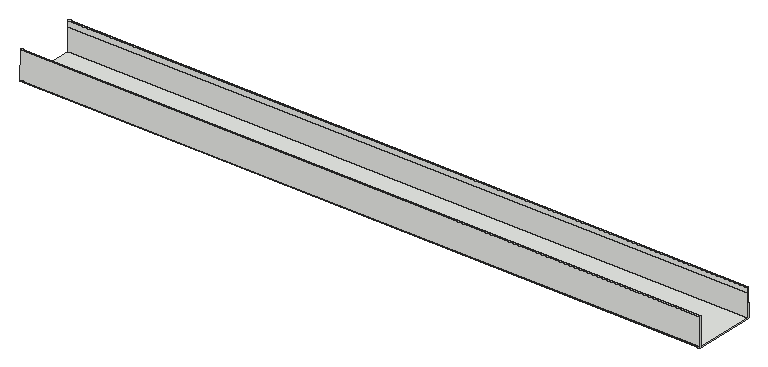
Revit family "PR652", category Mechanical Equipment, Revit 2018
Family settings
  Round Connector Dimension = Use Diameter
  Part Type = Normal
  OmniClass Number = 23.75.00.00
  OmniClass Title = Climate Control (HVAC)
  Work Plane-Based = No
  Always vertical = Yes
  Cut with Voids When Loaded = No
  Shared = No
  Room Calculation Point = No
Parameters (values of type "ISOLAMIN PR652 flashing")
  URL = "http://www.isolamin.se/"
  Thickness = "0.7 mm (Different thicknesses are available on request) \r\n0.7 mm (Different thicknesses are available on request) \r\n0.7 mm (Different thicknesses are available on request)"
  Profile Length = 1180 mm
  Model = "PR652"
  Material = "Galvanized Steel"
  Manufacturer = "ISOLAMIN AB"
  Edition = "1.0 (2018)"
Reference planes
  plane 1 "Center (Front/Back)": y = 0
  plane 2: z = 0
  plane 3 "Center (Left/Right)": x = 0
  plane 4: y = -1284.913
  plane 5: x = 1180
Forms (mm)
  Extrusion 1, solid, material "ISOLAMIN Surface Profile Material"
    sketch origin (0, 0, 0) x (0, 1, 0) y (0, 0, 1)
      loop
        line (-2, 40) -> (-1, 40) -> (-1, 1) -> (-104, 1) -> (-104, 40) -> (-103, 40) -> (-103, 49)
        arc (-103, 49) -> (-104, 50) -> (-105, 49) r 1
        line (-105, 49) -> (-105, 1)
        arc (-105, 1) -> (-104.707, 0.293) -> (-104, 0) r 1
        line (-104, 0) -> (-1, 0)
        arc (-1, 0) -> (-0.293, 0.293) -> (0, 1) r 1
        line (0, 1) -> (0, 49)
        arc (0, 49) -> (-1, 50) -> (-2, 49) r 1
        line (-2, 49) -> (-2, 40)
    from 0 to 1180
Dimensions and locks
  "Profile Length": plane 3 "Center (Left/Right)" to plane 5
  aligned and locked: level to plane 2
  aligned and locked: plane 5 to Extrusion 1
Automatic sketch dimensions
  Extrusion 1 sketch curve to level = 0 mm
  Extrusion 1 sketch curve to plane 1 "Center (Front/Back)" = 0 mm
  plane 1 "Center (Front/Back)" to Extrusion 1 sketch curve = 1 mm  (x2)
  Extrusion 1 sketch curve to Extrusion 1 sketch curve = 1 mm  (x3)
  level to Extrusion 1 sketch curve = 40 mm
  Extrusion 1 sketch curve to Extrusion 1 sketch curve = 101 mm
  Extrusion 1 sketch curve to Extrusion 1 sketch curve = 0 mm  (x2)
  Extrusion 1 sketch curve to Extrusion 1 sketch curve = 39 mm
  Extrusion 1 sketch curve to Extrusion 1 sketch curve = 9 mm  (x2)
